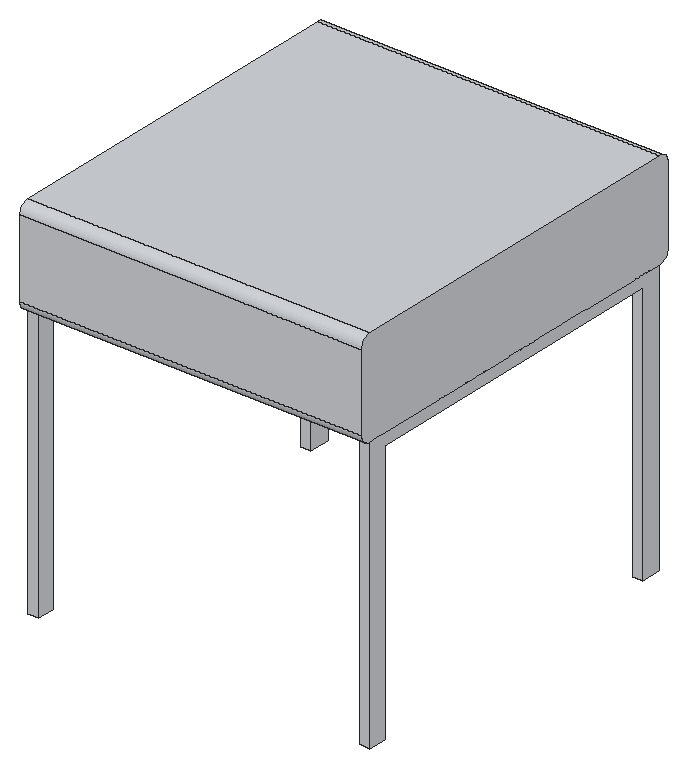
Revit family
Parameters (values of type "3 Posti (230 x 92 cm)")
  Assembly Code = ""
  Manufacturer = "Revit"
  Materiale Gambe = none
  Materiale Divano [instance] = none
Reference planes
  plane 1 "Center (Front/Back)": y = 0
  plane 2: z = 0
  plane 3 "Center (Left/Right)": x = 0
Forms (mm)
  Extrusion 1, solid, material <- "Materiale Gambe"
    sketch origin (-835.128, 0, 0) x (0, 1, 0) y (0, 0, 1)
      loop
        line (201.904, 101.88) -> (201.904, -431.259) -> (236.904, -431.259) -> (236.904, 79.333) -> (864.671, 79.333) -> (864.671, -431.259) -> (903.936, -431.259) -> (903.936, 101.88) -> (201.904, 101.88)
    from 1112.496 to 1132.465
  Extrusion 2, solid, material <- "Materiale Divano"
    sketch origin (0, 0, 0) x (0, 1, 0) y (0, 0, 1)
      loop
        line (201.904, 101.88) -> (905, 101.88)
        arc (905, 101.88) -> (919.142, 107.738) -> (925, 121.88) r 20
        line (925, 121.88) -> (925, 271.88)
        arc (925, 271.88) -> (919.142, 286.023) -> (905, 291.88) r 20
        line (905, 291.88) -> (201.904, 291.88)
        arc (201.904, 291.88) -> (187.761, 286.023) -> (181.904, 271.88) r 20
        line (181.904, 271.88) -> (181.904, 121.88)
        arc (181.904, 121.88) -> (187.761, 107.738) -> (201.904, 101.88) r 20
    from 277.368 to 941.69
  Extrusion 3, solid, material <- "Materiale Gambe"
    sketch origin (-190.775, 0, 0) x (0, 1, 0) y (0, 0, 1)
      loop
        line (201.904, 101.88) -> (201.904, -431.259) -> (236.904, -431.259) -> (236.904, 79.333) -> (864.671, 79.333) -> (864.671, -431.259) -> (903.936, -431.259) -> (903.936, 101.88) -> (201.904, 101.88)
    from 1112.496 to 1132.465
Lines and regions (mm)
  symbolic lines
    curve 1: line (0, 20, 450.111) -> (0, 904.822, 450.111)
    curve 2: arc (0, 904.822, 450.111) -> (0, 918.964, 444.253) -> (0, 924.822, 430.111) r 20
    curve 3: line (0, 924.822, 430.111) -> (0, 924.822, 121.88)
    curve 4: arc (0, 924.822, 121.88) -> (0, 918.964, 107.738) -> (0, 904.822, 101.88) r 20
    curve 5: line (0, 904.822, 101.88) -> (0, 20, 101.88)
    curve 6: arc (0, 20, 101.88) -> (0, 5.858, 107.738) -> (0, 0, 121.88) r 20
    curve 7: line (0, 0, 121.88) -> (0, 0, 430.111)
    curve 8: arc (0, 0, 430.111) -> (0, 5.858, 444.253) -> (0, 20, 450.111) r 20
    curve 9: line (0, 0, 430.111) -> (0, 0.503, 569.507)
    curve 10: arc (0, 0.503, 569.507) -> (0, 6.361, 583.649) -> (0, 20.503, 589.507) r 20
    curve 11: line (0, 20.503, 589.507) -> (0, 182.25, 589.507)
    curve 12: arc (0, 182.25, 589.507) -> (0, 196.392, 583.649) -> (0, 202.25, 569.507) r 20
    curve 13: line (0, 202.25, 569.507) -> (0, 202.25, 450.111)
    curve 14: line (0, 24.227, 101.88) -> (0, 24.227, 0)
    curve 15: line (0, 24.227, 0) -> (0, 64.328, 0)
    curve 16: line (0, 64.328, 0) -> (0, 64.328, 79.333)
    curve 17: line (0, 64.328, 79.333) -> (0, 864.671, 79.333)
    curve 18: line (0, 864.671, 79.333) -> (0, 864.671, 0)
    curve 19: line (0, 864.671, 0) -> (0, 903.936, 0)
    curve 20: line (0, 903.936, 0) -> (0, 903.936, 101.88)
    curve 21: arc (0, 903.936, 78.513) -> (0, 917.568, 84.636) -> (0, 923.151, 98.498) r 20
    curve 22: line (0, 923.151, 98.498) -> (0, 923.151, 113.878)
    curve 25: line (-1129.08, 927.198, 0) -> (-965.742, 927.198, 0)
    curve 26: arc (-965.742, 927.198, 0) -> (-951.6, 921.34, 0) -> (-945.742, 907.198, 0) r 20
    curve 27: line (-945.742, 907.198, 0) -> (-945.742, 20.789, 0)
    curve 28: arc (-945.742, 20.789, 0) -> (-951.6, 6.647, 0) -> (-965.742, 0.789, 0) r 20
    curve 29: line (-965.742, 0.789, 0) -> (-1129.08, 0.789, 0)
    curve 30: arc (-1129.08, 0.789, 0) -> (-1143.222, 6.647, 0) -> (-1149.08, 20.789, 0) r 20
    curve 31: line (-1149.08, 20.789, 0) -> (-1149.08, 907.198, 0)
    curve 32: arc (-1149.08, 907.198, 0) -> (-1143.222, 921.34, 0) -> (-1129.08, 927.198, 0) r 20
    curve 33: line (970.65, 927.198, 0) -> (1133.988, 927.198, 0)
    curve 34: arc (1133.988, 927.198, 0) -> (1148.13, 921.34, 0) -> (1153.988, 907.198, 0) r 20
    curve 35: line (1153.988, 907.198, 0) -> (1153.988, 20.789, 0)
    curve 36: arc (1153.988, 20.789, 0) -> (1148.13, 6.647, 0) -> (1133.988, 0.789, 0) r 20
    curve 37: line (1133.988, 0.789, 0) -> (970.65, 0.789, 0)
    curve 38: arc (970.65, 0.789, 0) -> (956.508, 6.647, 0) -> (950.65, 20.789, 0) r 20
    curve 39: line (950.65, 20.789, 0) -> (950.65, 907.198, 0)
    curve 40: arc (950.65, 907.198, 0) -> (956.508, 921.34, 0) -> (970.65, 927.198, 0) r 20
    curve 41: arc (-919.129, 2.132, 0) -> (-933.331, 8.074, 0) -> (-939.104, 22.346, 0) r 20
    curve 42: line (-939.104, 22.346, 0) -> (-937.392, 182.118, 0)
    curve 43: arc (-937.392, 182.118, 0) -> (-931.46, 196.121, 0) -> (-917.393, 201.904, 0) r 20
    curve 44: line (-917.393, 201.904, 0) -> (924.229, 201.904, 0)
    curve 45: arc (924.229, 201.904, 0) -> (938.371, 196.046, 0) -> (944.229, 181.904, 0) r 20
    curve 46: line (944.229, 181.904, 0) -> (944.229, 20, 0)
    curve 47: arc (944.229, 20, 0) -> (938.363, 5.85, 0) -> (924.206, 0, 0) r 20
    curve 48: line (924.206, 0, 0) -> (-919.129, 0, 0)
    curve 49: arc (-919.284, 208.299, 0) -> (-933.432, 214.186, 0) -> (-939.261, 228.359, 0) r 20
    curve 50: line (-939.261, 228.359, 0) -> (-937.24, 907.258, 0)
    curve 51: arc (-937.24, 907.258, 0) -> (-931.361, 921.361, 0) -> (-917.24, 927.198, 0) r 20
    curve 52: line (-917.24, 927.198, 0) -> (924.229, 927.198, 0)
    curve 53: arc (924.229, 927.198, 0) -> (938.371, 921.34, 0) -> (944.229, 907.198, 0) r 20
    curve 54: line (944.229, 907.198, 0) -> (944.229, 226.205, 0)
    curve 55: arc (944.229, 226.205, 0) -> (938.363, 212.055, 0) -> (924.206, 206.205, 0) r 20
    curve 56: line (924.206, 206.205, 0) -> (-919.284, 206.205, 0)
  model lines, detail levels medium+fine
    curve 23: line (466.834, 874.422, 291.88) -> (466.834, 208.044, 291.88)
    curve 24: line (700.514, 874.422, 291.88) -> (700.514, 208.044, 291.88)
  symbolic lines, detail levels medium+fine
    curve 57: line (-694.781, 927.198, 0) -> (-694.781, 208.044, 0)
    curve 58: line (-458.976, 927.198, 0) -> (-458.976, 207.776, 0)
    curve 59: line (-229.544, 927.198, 0) -> (-229.544, 207.516, 0)
    curve 60: line (4.136, 927.198, 0) -> (4.136, 207.25, 0)
    curve 61: line (237.816, 927.198, 0) -> (237.816, 206.985, 0)
    curve 62: line (469.372, 927.198, 0) -> (469.372, 206.722, 0)
    curve 63: line (703.053, 927.198, 0) -> (703.053, 206.456, 0)
    curve 64: line (-937.921, 678.411, 0) -> (944.229, 678.411, 0)
    curve 65: line (944.229, 446.951, 0) -> (-938.61, 446.951, 0)
Dimensions and locks
  aligned: Extrusion 1 to Extrusion 3  (x2)
